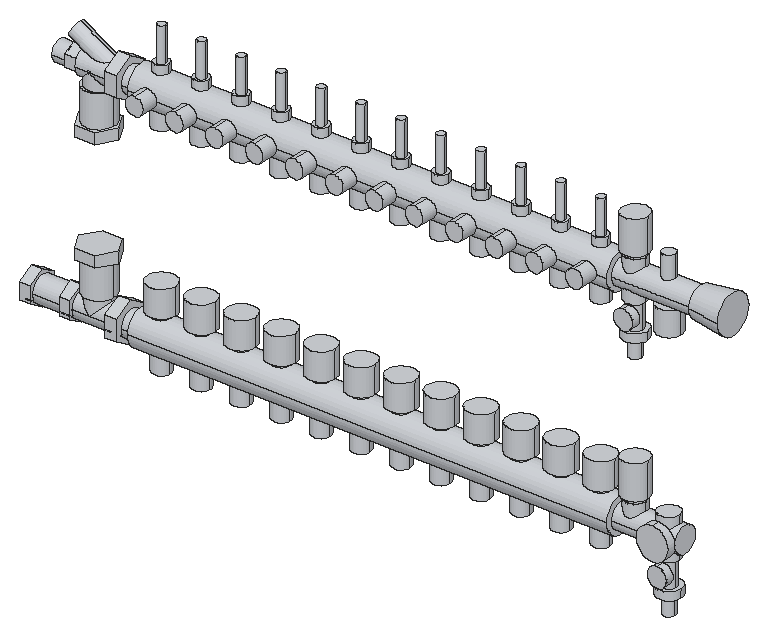
Revit family "318_1dab38ccfa9a4ba2b3cf6a35155c12", category Pipe Accessories, Revit 2017
Family settings
  Round Connector Dimension = Use Diameter
  Part Type = Valve - Normal
  Work Plane-Based = No
  Always vertical = Yes
  Cut with Voids When Loaded = No
  Shared = No
Parameters (values of type "R557FY012")
  magi_piping_qv_2_9 [instance] = 0.0 L/s
  magi_piping_qv_2_8 [instance] = 0.0 L/s
  magi_piping_qv_2_7 [instance] = 0.0 L/s
  magi_piping_qv_2_6 [instance] = 0.0 L/s
  magi_piping_qv_2_5 [instance] = 0.0 L/s
  magi_piping_qv_2_4 [instance] = 0.0 L/s
  magi_piping_qv_2_3 [instance] = 0.0 L/s
  magi_piping_qv_2_2 [instance] = 0.0 L/s
  magi_piping_qv_2_12 [instance] = 0.0 L/s
  magi_piping_qv_2_11 [instance] = 0.0 L/s
  magi_piping_qv_2_10 [instance] = 0.0 L/s
  magi_piping_qv_2_1 [instance] = 0.0 L/s
  magi_piping_qv_1_9 [instance] = 0.0 L/s
  magi_piping_qv_1_8 [instance] = 0.0 L/s
  magi_piping_qv_1_7 [instance] = 0.0 L/s
  magi_piping_qv_1_6 [instance] = 0.0 L/s
  magi_piping_qv_1_5 [instance] = 0.0 L/s
  magi_piping_qv_1_4 [instance] = 0.0 L/s
  magi_piping_qv_1_3 [instance] = 0.0 L/s
  magi_piping_qv_1_2 [instance] = 0.0 L/s
  magi_piping_qv_1_12 [instance] = 0.0 L/s
  magi_piping_qv_1_11 [instance] = 0.0 L/s
  magi_piping_qv_1_10 [instance] = 0.0 L/s
  magi_piping_qv_1_1 [instance] = 0.0 L/s
  magi_piping_qv [instance] = 0.0 L/s
  magi_piping_power_9 [instance] = 0 W
  magi_piping_power_8 [instance] = 0 W
  magi_piping_power_7 [instance] = 0 W
  magi_piping_power_6 [instance] = 0 W
  magi_piping_power_5 [instance] = 0 W
  magi_piping_power_4 [instance] = 0 W
  magi_piping_power_3 [instance] = 0 W
  magi_piping_power_2 [instance] = 0 W
  magi_piping_power_12 [instance] = 0 W
  magi_piping_power_11 [instance] = 0 W
  magi_piping_power_10 [instance] = 0 W
  magi_piping_power_1 [instance] = 0 W
  magi_piping_kv_9 [instance] = 0
  magi_piping_kv_8 [instance] = 0
  magi_piping_kv_7 [instance] = 0
  magi_piping_kv_6 [instance] = 0
  magi_piping_kv_5 [instance] = 0
  magi_piping_kv_4 [instance] = 0
  magi_piping_kv_3 [instance] = 0
  magi_piping_kv_2 [instance] = 0
  magi_piping_kv_12 [instance] = 0
  magi_piping_kv_11 [instance] = 0
  magi_piping_kv_10 [instance] = 0
  magi_piping_kv_1 [instance] = 0
  magi_piping_dpTot_9 [instance] = 0.0 Pa
  magi_piping_dpTot_8 [instance] = 0.0 Pa
  magi_piping_dpTot_7 [instance] = 0.0 Pa
  magi_piping_dpTot_6 [instance] = 0.0 Pa
  magi_piping_dpTot_5 [instance] = 0.0 Pa
  magi_piping_dpTot_4 [instance] = 0.0 Pa
  magi_piping_dpTot_3 [instance] = 0.0 Pa
  magi_piping_dpTot_2 [instance] = 0.0 Pa
  magi_piping_dpTot_12 [instance] = 0.0 Pa
  magi_piping_dpTot_11 [instance] = 0.0 Pa
  magi_piping_dpTot_10 [instance] = 0.0 Pa
  magi_piping_dpTot_1 [instance] = 0.0 Pa
  magi_adjustmentValue_9 [instance] = ""
  magi_adjustmentValue_8 [instance] = ""
  magi_adjustmentValue_7 [instance] = ""
  magi_adjustmentValue_6 [instance] = ""
  magi_adjustmentValue_5 [instance] = ""
  magi_adjustmentValue_4 [instance] = ""
  magi_adjustmentValue_3 [instance] = ""
  magi_adjustmentValue_2 [instance] = ""
  magi_adjustmentValue_12 [instance] = ""
  magi_adjustmentValue_11 [instance] = ""
  magi_adjustmentValue_10 [instance] = ""
  magi_adjustmentValue_1 [instance] = ""
  magiProductId = "1dab38ccfa9a4ba2b3cf6a35155c12"
  magiProductFamilyId = "1dab38ccfa9a4ba2b3cf6a35155c12"
  magiProductCode = "R557FY012"
  magiPartTypeId = 318
  X1 = 127 mm
  VersionID = "2.0/2016.10.37.0/GIACOMINI_R557FY_001"
  VL2__ve = -VL2  # -137 mm
  VL2 = 137 mm
  VL1 = 102 mm
  URL = "http://www.giacomini.com/en"
  SMP = 25 mm
  SBP9 = 18 mm
  SBP8 = 18 mm
  SBP7 = 18 mm
  SBP6 = 18 mm
  SBP5 = 18 mm
  SBP4 = 18 mm
  SBP3 = 18 mm
  SBP2 = 18 mm
  SBP12 = 18 mm
  SBP11 = 18 mm
  SBP10 = 18 mm
  SBP1 = 18 mm
  RMP = 25 mm
  RBP9 = 18 mm
  RBP8 = 18 mm
  RBP7 = 18 mm
  RBP6 = 18 mm
  RBP5 = 18 mm
  RBP4 = 18 mm
  RBP3 = 18 mm
  RBP2 = 18 mm
  RBP12 = 18 mm
  RBP11 = 18 mm
  RBP10 = 18 mm
  RBP1 = 18 mm
  R2 = 22 mm
  QmdConnectorList = "321;SMP;322;SBP1;323;SBP2;324;SBP3;325;SBP4;326;SBP5;327;SBP6;328;SBP7;329;SBP8;330;SBP9;331;SBP10;332;SBP11;333;SBP12;351;RMP;352;RBP1;353;RBP2;354;RBP3;355;RBP4;356;RBP5;357;RBP6;358;RBP7;359;RBP8;360;RBP9;361;RBP10;362;RBP11;363;RBP12"
  Productdata [instance] = "© Progman Oy, all rights reserved"
  N9 = yes
  N8 = yes
  N7 = yes
  N6 = yes
  N5 = yes
  N4 = yes
  N3 = yes
  N12 = yes
  N11 = yes
  N10 = yes
  Manufacturer = "Giacomini"
  MC_Default_elevation = 0 mm
  L = 600 mm
  I = 50 mm
  H5 = 33 mm
  H4 = 5 mm
  H3__ve = -H3  # -40 mm
  H3 = 40 mm
  H2__ve = -H2  # -20 mm
  H2 = 20 mm
  H12 = 42 mm
  H11 = 10 mm
  Flow supply main [instance] = Flow supply 1 + Flow supply 2 + Flow supply 3 + Flow supply 4 + Flow supply 5 + Flow supply 6 + Flow supply 7 + Flow supply 8 + Flow supply 9 + Flow supply 10 + Flow supply 11 + Flow supply 12  # 0.0 L/s
  Flow supply 9 [instance] = 0.0 L/s
  Flow supply 8 [instance] = 0.0 L/s
  Flow supply 7 [instance] = 0.0 L/s
  Flow supply 6 [instance] = 0.0 L/s
  Flow supply 5 [instance] = 0.0 L/s
  Flow supply 4 [instance] = 0.0 L/s
  Flow supply 3 [instance] = 0.0 L/s
  Flow supply 2 [instance] = 0.0 L/s
  Flow supply 12 [instance] = 0.0 L/s
  Flow supply 11 [instance] = 0.0 L/s
  Flow supply 10 [instance] = 0.0 L/s
  Flow supply 1 [instance] = 0.0 L/s
  Flow return main [instance] = Flow return 1 + Flow return 2 + Flow return 3 + Flow return 4 + Flow return 5 + Flow return 6 + Flow return 7 + Flow return 8 + Flow return 9 + Flow return 10 + Flow return 11 + Flow return 12  # 0.0 L/s
  Flow return 9 [instance] = 0.0 L/s
  Flow return 8 [instance] = 0.0 L/s
  Flow return 7 [instance] = 0.0 L/s
  Flow return 6 [instance] = 0.0 L/s
  Flow return 5 [instance] = 0.0 L/s
  Flow return 4 [instance] = 0.0 L/s
  Flow return 3 [instance] = 0.0 L/s
  Flow return 2 [instance] = 0.0 L/s
  Flow return 12 [instance] = 0.0 L/s
  Flow return 11 [instance] = 0.0 L/s
  Flow return 10 [instance] = 0.0 L/s
  Flow return 1 [instance] = 0.0 L/s
  E = 274 mm
  Description = "PREASSEMBLED MANIFOLD WITH FLOW METERS"
  D4 = 22 mm
  D32 = 10 mm
  D31 = 18 mm
  D2 = 44 mm
  CAT0 = yes
Reference planes
  plane 1 "Center (Front/Back)": y = 0
  plane 2 "XYPLANE": z = 0
  plane 3 "Center (Left/Right)": x = 0
  plane 4 "INIT_TEMP": y = 100
  plane 5 "386": y = -16
  plane 6 "385": z = -41
  plane 7 "384": z = -67
  plane 8 "383": z = -57
  plane 9 "382": y = -9
  plane 10 "381": z = -315
  plane 11 "380": z = -341
  plane 12 "379": z = -331
  plane 13 "378": z = -213
  plane 14 "377": z = -253
  plane 15 "376": z = -61
  plane 16 "375": z = -21
  plane 17 "374": x = 49
  plane 18 "373": x = 77
  plane 19 "372": x = 17
  plane 20 "371": x = 32
  plane 21 "370": x = -35
  plane 22 "369": x = 27
  plane 23 "368": x = 89
  plane 24 "367": x = -35
  plane 25 "366": x = 102
  plane 26 "365": z = -314
  plane 27 "364": z = -247
  plane 28 "363": z = -252
  plane 29 "362": z = -40
  plane 30 "361": x = 0
  plane 31 "360": y = 0
  plane 32 "359": z = -274
  plane 33 "358": z = 0
  plane 34 "357": z = 22
  plane 35 "356": x = 127
  plane 36 "355": x = 177
  plane 37 "354": y = -22
  plane 38 "353": x = 227
  plane 39 "352": z = 32
  plane 40 "351": x = 277
  plane 41 "350": x = 327
  plane 42 "349": x = 377
  plane 43 "348": x = 427
  plane 44 "347": x = 477
  plane 45 "346": x = 527
  plane 46 "345": x = 577
  plane 47 "344": x = 627
  plane 48 "343": x = 677
  plane 49 "342": x = 702
  plane 50 "341": x = 802
  plane 51 "340": x = 842
  plane 52 "339": x = 720
  plane 53 "338": z = -25
  plane 54 "337": z = 25
  plane 55 "336": z = 30
  plane 56 "335": z = -249
  plane 57 "334": z = -244
  plane 58 "333": z = -16
  plane 59 "332": x = 762
  plane 60 "331": z = -299
  plane 61 "1099": through (77, -750, 0) normal (0.866, 0, -0.5)
Forms (mm)
  Extrusion 1, solid
    sketch origin (750, -16, 0) x (-1, 0, 0) y (0, 0, 1)
      loop
        circle (-12, -274) r 20
    from 0 to -10
  Extrusion 2, solid
    sketch origin (-750, 0, -67) x (1, 0, 0) y (0, 1, 0)
      loop
        circle (1470, 0) r 7.5
    from 0 to -22
  Extrusion 3, solid
    sketch origin (750, -9, 0) x (-1, 0, 0) y (0, 0, 1)
      loop
        circle (30, -41) r 12
    from 0 to -10
  Extrusion 4, solid
    sketch origin (750, -9, 0) x (-1, 0, 0) y (0, 0, 1)
      loop
        circle (-12, -315) r 12
    from 0 to -10
  Extrusion 5, solid
    sketch origin (-750, 0, -341) x (1, 0, 0) y (0, 1, 0)
      loop
        circle (1512, 0) r 7.5
    from 0 to -22
  Extrusion 6, solid
    sketch origin (-750, 0, -57) x (1, 0, 0) y (0, 1, 0)
      loop
        circle (1470, 0) r 15
    from 0 to -10
  Extrusion 7, solid
    sketch origin (-750, 0, -331) x (1, 0, 0) y (0, 1, 0)
      loop
        circle (1512, 0) r 15
    from 0 to -10
  Extrusion 8, solid
    sketch origin (-750, 0, -299) x (1, 0, 0) y (0, 1, 0)
      loop
        circle (1512, 0) r 9
    from 0 to -32
  Extrusion 9, solid
    sketch origin (-750, 0, -253) x (1, 0, 0) y (0, 1, 0)
      loop
        circle (799, 0) r 19
    from 0 to 40
  Extrusion 10, solid
    sketch origin (-750, 0, -274) x (1, 0, 0) y (0, 1, 0)
      loop
        circle (799, 0) r 16
    from 0 to 21
  Extrusion 11, solid
    sketch origin (-750, 0, -213) x (1, 0, 0) y (0, 1, 0)
      loop
        line (824, 0) -> (811.5, 21.651) -> (786.5, 21.651) -> (774, 0) -> (786.5, -21.651) -> (811.5, -21.651) -> (824, 0)
    from 0 to 14
  Extrusion 12, solid
    sketch origin (-750, 0, -61) x (1, 0, 0) y (0, 1, 0)
      loop
        line (774, 0) -> (786.5, -21.651) -> (811.5, -21.651) -> (824, 0) -> (811.5, 21.651) -> (786.5, 21.651) -> (774, 0)
    from 0 to -14
  Extrusion 13, solid
    sketch origin (-750, 0, 0) x (1, 0, 0) y (0, 1, 0)
      loop
        circle (799, 0) r 16
    from 0 to -21
  Extrusion 14, solid
    sketch origin (-750, 0, -21) x (1, 0, 0) y (0, 1, 0)
      loop
        circle (799, 0) r 19
    from 0 to -40
  Extrusion 15, solid
    sketch origin (77, -750, 0) x (0, 1, 0) y (0.5, 0, 0.866025)
      loop
        circle (750, 0) r 10.5
    from 0 to -65
  Extrusion 16, solid, visible <- "CAT0"
    sketch origin (17, -750, 0) x (0, 1, 0) y (0, 0, 1)
      loop
        circle (750, 0) r 12.5
    from 0 to -17
  Extrusion 17, solid
    sketch origin (32, -750, 0) x (0, 1, 0) y (0, 0, 1)
      loop
        line (750, 15) -> (737.01, 7.5) -> (737.01, -7.5) -> (750, -15) -> (762.99, -7.5) -> (762.99, 7.5) -> (750, 15)
    from 0 to -15
  Extrusion 18, solid
    sketch origin (-35, -750, 0) x (0, 1, 0) y (0, 0, 1)
      loop
        line (750, -253) -> (731.813, -263.5) -> (731.813, -284.5) -> (750, -295) -> (768.187, -284.5) -> (768.187, -263.5) -> (750, -253)
    from 0 to 13
  Extrusion 19, solid
    sketch origin (27, -750, 0) x (0, 1, 0) y (0, 0, 1)
      loop
        line (750, -253) -> (731.813, -263.5) -> (731.813, -284.5) -> (750, -295) -> (768.187, -284.5) -> (768.187, -263.5) -> (750, -253)
    from 0 to -13
  Extrusion 20, solid
    sketch origin (102, -750, 0) x (0, 1, 0) y (0, 0, 1)
      loop
        circle (750, 0) r 16
    from 0 to -70
  Extrusion 21, solid
    sketch origin (89, -750, 0) x (0, 1, 0) y (0, 0, 1)
      loop
        line (750, 25) -> (728.349, 12.5) -> (728.349, -12.5) -> (750, -25) -> (771.651, -12.5) -> (771.651, 12.5) -> (750, 25)
    from 0 to -15
  Extrusion 22, solid
    sketch origin (89, -750, 0) x (0, 1, 0) y (0, 0, 1)
      loop
        line (750, -249) -> (728.349, -261.5) -> (728.349, -286.5) -> (750, -299) -> (771.651, -286.5) -> (771.651, -261.5) -> (750, -249)
    from 0 to -15
  Extrusion 23, solid
    sketch origin (102, -750, 0) x (0, 1, 0) y (0, 0, 1)
      loop
        circle (750, -274) r 16
    from 0 to -137 <- "VL2__ve"
  Extrusion 24, solid, visible <- "N10"
    sketch origin (-750, 0, -274) x (1, 0, 0) y (0, 1, 0)
      loop
        circle (1327, 0) r 11
    from 0 to -40 <- "H3__ve"
  Extrusion 25, solid, visible <- "N10"
    sketch origin (-750, 0, -252) x (1, 0, 0) y (0, 1, 0)
      loop
        circle (1327, 0) r 11
    from 0 to 5 <- "H4"
  Extrusion 26, solid, visible <- "N10"
    sketch origin (-750, 0, -247) x (1, 0, 0) y (0, 1, 0)
      loop
        circle (1327, 0) r 17.5
    from 0 to 33 <- "H5"
  Extrusion 27, solid, visible <- "N12"
    sketch origin (-750, 0, -247) x (1, 0, 0) y (0, 1, 0)
      loop
        circle (1427, 0) r 17.5
    from 0 to 33 <- "H5"
  Extrusion 28, solid, visible <- "N12"
    sketch origin (-750, 0, -252) x (1, 0, 0) y (0, 1, 0)
      loop
        circle (1427, 0) r 11
    from 0 to 5 <- "H4"
  Extrusion 29, solid, visible <- "N12"
    sketch origin (-750, 0, -274) x (1, 0, 0) y (0, 1, 0)
      loop
        circle (1427, 0) r 11
    from 0 to -40 <- "H3__ve"
  Extrusion 30, solid, visible <- "N11"
    sketch origin (-750, 0, -274) x (1, 0, 0) y (0, 1, 0)
      loop
        circle (1377, 0) r 11
    from 0 to -40 <- "H3__ve"
  Extrusion 31, solid, visible <- "N11"
    sketch origin (-750, 0, -252) x (1, 0, 0) y (0, 1, 0)
      loop
        circle (1377, 0) r 11
    from 0 to 5 <- "H4"
  Extrusion 32, solid, visible <- "N11"
    sketch origin (-750, 0, -247) x (1, 0, 0) y (0, 1, 0)
      loop
        circle (1377, 0) r 17.5
    from 0 to 33 <- "H5"
  Extrusion 33, solid, visible <- "N8"
    sketch origin (-750, 0, -247) x (1, 0, 0) y (0, 1, 0)
      loop
        circle (1227, 0) r 17.5
    from 0 to 33 <- "H5"
  Extrusion 34, solid, visible <- "N8"
    sketch origin (-750, 0, -252) x (1, 0, 0) y (0, 1, 0)
      loop
        circle (1227, 0) r 11
    from 0 to 5 <- "H4"
  Extrusion 35, solid, visible <- "N8"
    sketch origin (-750, 0, -274) x (1, 0, 0) y (0, 1, 0)
      loop
        circle (1227, 0) r 11
    from 0 to -40 <- "H3__ve"
  Extrusion 36, solid, visible <- "N9"
    sketch origin (-750, 0, -274) x (1, 0, 0) y (0, 1, 0)
      loop
        circle (1277, 0) r 11
    from 0 to -40 <- "H3__ve"
  Extrusion 37, solid, visible <- "N9"
    sketch origin (-750, 0, -252) x (1, 0, 0) y (0, 1, 0)
      loop
        circle (1277, 0) r 11
    from 0 to 5 <- "H4"
  Extrusion 38, solid, visible <- "N9"
    sketch origin (-750, 0, -247) x (1, 0, 0) y (0, 1, 0)
      loop
        circle (1277, 0) r 17.5
    from 0 to 33 <- "H5"
  Extrusion 39, solid, visible <- "N7"
    sketch origin (-750, 0, -247) x (1, 0, 0) y (0, 1, 0)
      loop
        circle (1177, 0) r 17.5
    from 0 to 33 <- "H5"
  Extrusion 40, solid, visible <- "N7"
    sketch origin (-750, 0, -252) x (1, 0, 0) y (0, 1, 0)
      loop
        circle (1177, 0) r 11
    from 0 to 5 <- "H4"
  Extrusion 41, solid, visible <- "N7"
    sketch origin (-750, 0, -274) x (1, 0, 0) y (0, 1, 0)
      loop
        circle (1177, 0) r 11
    from 0 to -40 <- "H3__ve"
  Extrusion 42, solid, visible <- "N6"
    sketch origin (-750, 0, -274) x (1, 0, 0) y (0, 1, 0)
      loop
        circle (1127, 0) r 11
    from 0 to -40 <- "H3__ve"
  Extrusion 43, solid, visible <- "N6"
    sketch origin (-750, 0, -252) x (1, 0, 0) y (0, 1, 0)
      loop
        circle (1127, 0) r 11
    from 0 to 5 <- "H4"
  Extrusion 44, solid, visible <- "N6"
    sketch origin (-750, 0, -247) x (1, 0, 0) y (0, 1, 0)
      loop
        circle (1127, 0) r 17.5
    from 0 to 33 <- "H5"
  Extrusion 45, solid, visible <- "N5"
    sketch origin (-750, 0, -247) x (1, 0, 0) y (0, 1, 0)
      loop
        circle (1077, 0) r 17.5
    from 0 to 33 <- "H5"
  Extrusion 46, solid, visible <- "N5"
    sketch origin (-750, 0, -252) x (1, 0, 0) y (0, 1, 0)
      loop
        circle (1077, 0) r 11
    from 0 to 5 <- "H4"
  Extrusion 47, solid, visible <- "N5"
    sketch origin (-750, 0, -274) x (1, 0, 0) y (0, 1, 0)
      loop
        circle (1077, 0) r 11
    from 0 to -40 <- "H3__ve"
  Extrusion 48, solid, visible <- "N4"
    sketch origin (-750, 0, -274) x (1, 0, 0) y (0, 1, 0)
      loop
        circle (1027, 0) r 11
    from 0 to -40 <- "H3__ve"
  Extrusion 49, solid, visible <- "N4"
    sketch origin (-750, 0, -252) x (1, 0, 0) y (0, 1, 0)
      loop
        circle (1027, 0) r 11
    from 0 to 5 <- "H4"
  Extrusion 50, solid, visible <- "N4"
    sketch origin (-750, 0, -247) x (1, 0, 0) y (0, 1, 0)
      loop
        circle (1027, 0) r 17.5
    from 0 to 33 <- "H5"
  Extrusion 51, solid, visible <- "N3"
    sketch origin (-750, 0, -247) x (1, 0, 0) y (0, 1, 0)
      loop
        circle (977, 0) r 17.5
    from 0 to 33 <- "H5"
  Extrusion 52, solid, visible <- "N3"
    sketch origin (-750, 0, -252) x (1, 0, 0) y (0, 1, 0)
      loop
        circle (977, 0) r 11
    from 0 to 5 <- "H4"
  Extrusion 53, solid
    sketch origin (-750, 0, -252) x (1, 0, 0) y (0, 1, 0)
      loop
        circle (927, 0) r 11
    from 0 to 5 <- "H4"
  Extrusion 54, solid
    sketch origin (-750, 0, -247) x (1, 0, 0) y (0, 1, 0)
      loop
        circle (927, 0) r 17.5
    from 0 to 33 <- "H5"
  Extrusion 55, solid
    sketch origin (-750, 0, -247) x (1, 0, 0) y (0, 1, 0)
      loop
        circle (877, 0) r 17.5
    from 0 to 33 <- "H5"
  Extrusion 56, solid
    sketch origin (-750, 0, -252) x (1, 0, 0) y (0, 1, 0)
      loop
        circle (877, 0) r 11
    from 0 to 5 <- "H4"
  Extrusion 57, solid, visible <- "N3"
    sketch origin (-750, 0, -274) x (1, 0, 0) y (0, 1, 0)
      loop
        circle (977, 0) r 11
    from 0 to -40 <- "H3__ve"
  Extrusion 58, solid
    sketch origin (-750, 0, -274) x (1, 0, 0) y (0, 1, 0)
      loop
        circle (877, 0) r 11
    from 0 to -40 <- "H3__ve"
  Extrusion 59, solid
    sketch origin (-750, 0, -274) x (1, 0, 0) y (0, 1, 0)
      loop
        circle (927, 0) r 11
    from 0 to -40 <- "H3__ve"
  Extrusion 60, solid
    sketch origin (102, -750, 0) x (0, 1, 0) y (0, 0, 1)
      loop
        circle (750, -274) r 22
    from 0 to 600 <- "L"
  Extrusion 61, solid, visible <- "N8"
    sketch origin (-750, 0, 0) x (1, 0, 0) y (0, 1, 0)
      loop
        circle (1227, 0) r 11
    from 0 to -40 <- "H3__ve"
  Extrusion 62, solid, visible <- "N9"
    sketch origin (-750, 0, 0) x (1, 0, 0) y (0, 1, 0)
      loop
        circle (1277, 0) r 11
    from 0 to -40 <- "H3__ve"
  Extrusion 63, solid, visible <- "N10"
    sketch origin (-750, 0, 0) x (1, 0, 0) y (0, 1, 0)
      loop
        circle (1327, 0) r 11
    from 0 to -40 <- "H3__ve"
  Extrusion 64, solid, visible <- "N11"
    sketch origin (-750, 0, 0) x (1, 0, 0) y (0, 1, 0)
      loop
        circle (1377, 0) r 11
    from 0 to -40 <- "H3__ve"
  Extrusion 65, solid, visible <- "N12"
    sketch origin (-750, 0, 0) x (1, 0, 0) y (0, 1, 0)
      loop
        circle (1427, 0) r 11
    from 0 to -40 <- "H3__ve"
  Extrusion 66, solid, visible <- "N7"
    sketch origin (-750, 0, 0) x (1, 0, 0) y (0, 1, 0)
      loop
        circle (1177, 0) r 11
    from 0 to -40 <- "H3__ve"
  Extrusion 67, solid, visible <- "N6"
    sketch origin (-750, 0, 0) x (1, 0, 0) y (0, 1, 0)
      loop
        circle (1127, 0) r 11
    from 0 to -40 <- "H3__ve"
  Extrusion 68, solid, visible <- "N5"
    sketch origin (-750, 0, 0) x (1, 0, 0) y (0, 1, 0)
      loop
        circle (1077, 0) r 11
    from 0 to -40 <- "H3__ve"
  Extrusion 69, solid, visible <- "N4"
    sketch origin (-750, 0, 0) x (1, 0, 0) y (0, 1, 0)
      loop
        circle (1027, 0) r 11
    from 0 to -40 <- "H3__ve"
  Extrusion 70, solid, visible <- "N3"
    sketch origin (-750, 0, 0) x (1, 0, 0) y (0, 1, 0)
      loop
        circle (977, 0) r 11
    from 0 to -40 <- "H3__ve"
  Extrusion 71, solid
    sketch origin (-750, 0, 0) x (1, 0, 0) y (0, 1, 0)
      loop
        circle (927, 0) r 11
    from 0 to -40 <- "H3__ve"
  Extrusion 72, solid
    sketch origin (-750, 0, 0) x (1, 0, 0) y (0, 1, 0)
      loop
        circle (877, 0) r 11
    from 0 to -40 <- "H3__ve"
  Extrusion 73, solid
    sketch origin (102, -750, 0) x (0, 1, 0) y (0, 0, 1)
      loop
        circle (750, 0) r 22
    from 0 to 600 <- "L"
  Extrusion 74, solid
    sketch origin (-750, 0, 22) x (1, 0, 0) y (0, 1, 0)
      loop
        circle (877, 0) r 9
    from 0 to 10 <- "H11"
  Extrusion 75, solid
    sketch origin (750, -22, 0) x (-1, 0, 0) y (0, 0, 1)
      loop
        circle (623, 0) r 11
    from 0 to -20 <- "H2__ve"
  Extrusion 76, solid
    sketch origin (750, -22, 0) x (-1, 0, 0) y (0, 0, 1)
      loop
        circle (573, 0) r 11
    from 0 to -20 <- "H2__ve"
  Extrusion 77, solid, visible <- "N3"
    sketch origin (750, -22, 0) x (-1, 0, 0) y (0, 0, 1)
      loop
        circle (523, 0) r 11
    from 0 to -20 <- "H2__ve"
  Extrusion 78, solid
    sketch origin (-750, 0, 32) x (1, 0, 0) y (0, 1, 0)
      loop
        circle (877, 0) r 5
    from 0 to 42 <- "H12"
  Extrusion 79, solid
    sketch origin (-750, 0, 32) x (1, 0, 0) y (0, 1, 0)
      loop
        circle (927, 0) r 5
    from 0 to 42 <- "H12"
  Extrusion 80, solid
    sketch origin (-750, 0, 22) x (1, 0, 0) y (0, 1, 0)
      loop
        circle (927, 0) r 9
    from 0 to 10 <- "H11"
  Extrusion 81, solid, visible <- "N3"
    sketch origin (-750, 0, 22) x (1, 0, 0) y (0, 1, 0)
      loop
        circle (977, 0) r 9
    from 0 to 10 <- "H11"
  Extrusion 82, solid, visible <- "N3"
    sketch origin (-750, 0, 32) x (1, 0, 0) y (0, 1, 0)
      loop
        circle (977, 0) r 5
    from 0 to 42 <- "H12"
  Extrusion 83, solid, visible <- "N4"
    sketch origin (-750, 0, 32) x (1, 0, 0) y (0, 1, 0)
      loop
        circle (1027, 0) r 5
    from 0 to 42 <- "H12"
  Extrusion 84, solid, visible <- "N4"
    sketch origin (-750, 0, 22) x (1, 0, 0) y (0, 1, 0)
      loop
        circle (1027, 0) r 9
    from 0 to 10 <- "H11"
  Extrusion 85, solid, visible <- "N4"
    sketch origin (750, -22, 0) x (-1, 0, 0) y (0, 0, 1)
      loop
        circle (473, 0) r 11
    from 0 to -20 <- "H2__ve"
  Extrusion 86, solid, visible <- "N5"
    sketch origin (750, -22, 0) x (-1, 0, 0) y (0, 0, 1)
      loop
        circle (423, 0) r 11
    from 0 to -20 <- "H2__ve"
  Extrusion 87, solid, visible <- "N5"
    sketch origin (-750, 0, 22) x (1, 0, 0) y (0, 1, 0)
      loop
        circle (1077, 0) r 9
    from 0 to 10 <- "H11"
  Extrusion 88, solid, visible <- "N5"
    sketch origin (-750, 0, 32) x (1, 0, 0) y (0, 1, 0)
      loop
        circle (1077, 0) r 5
    from 0 to 42 <- "H12"
  Extrusion 89, solid, visible <- "N6"
    sketch origin (-750, 0, 32) x (1, 0, 0) y (0, 1, 0)
      loop
        circle (1127, 0) r 5
    from 0 to 42 <- "H12"
  Extrusion 90, solid, visible <- "N6"
    sketch origin (-750, 0, 22) x (1, 0, 0) y (0, 1, 0)
      loop
        circle (1127, 0) r 9
    from 0 to 10 <- "H11"
  Extrusion 91, solid, visible <- "N6"
    sketch origin (750, -22, 0) x (-1, 0, 0) y (0, 0, 1)
      loop
        circle (373, 0) r 11
    from 0 to -20 <- "H2__ve"
  Extrusion 92, solid, visible <- "N7"
    sketch origin (750, -22, 0) x (-1, 0, 0) y (0, 0, 1)
      loop
        circle (323, 0) r 11
    from 0 to -20 <- "H2__ve"
  Extrusion 93, solid, visible <- "N7"
    sketch origin (-750, 0, 22) x (1, 0, 0) y (0, 1, 0)
      loop
        circle (1177, 0) r 9
    from 0 to 10 <- "H11"
  Extrusion 94, solid, visible <- "N7"
    sketch origin (-750, 0, 32) x (1, 0, 0) y (0, 1, 0)
      loop
        circle (1177, 0) r 5
    from 0 to 42 <- "H12"
  Extrusion 95, solid, visible <- "N8"
    sketch origin (-750, 0, 32) x (1, 0, 0) y (0, 1, 0)
      loop
        circle (1227, 0) r 5
    from 0 to 42 <- "H12"
  Extrusion 96, solid, visible <- "N8"
    sketch origin (-750, 0, 22) x (1, 0, 0) y (0, 1, 0)
      loop
        circle (1227, 0) r 9
    from 0 to 10 <- "H11"
  Extrusion 97, solid, visible <- "N8"
    sketch origin (750, -22, 0) x (-1, 0, 0) y (0, 0, 1)
      loop
        circle (273, 0) r 11
    from 0 to -20 <- "H2__ve"
  Extrusion 98, solid, visible <- "N10"
    sketch origin (750, -22, 0) x (-1, 0, 0) y (0, 0, 1)
      loop
        circle (173, 0) r 11
    from 0 to -20 <- "H2__ve"
  Extrusion 99, solid, visible <- "N10"
    sketch origin (-750, 0, 22) x (1, 0, 0) y (0, 1, 0)
      loop
        circle (1327, 0) r 9
    from 0 to 10 <- "H11"
  Extrusion 100, solid, visible <- "N10"
    sketch origin (-750, 0, 32) x (1, 0, 0) y (0, 1, 0)
      loop
        circle (1327, 0) r 5
    from 0 to 42 <- "H12"
  Extrusion 101, solid, visible <- "N9"
    sketch origin (-750, 0, 32) x (1, 0, 0) y (0, 1, 0)
      loop
        circle (1277, 0) r 5
    from 0 to 42 <- "H12"
  Extrusion 102, solid, visible <- "N9"
    sketch origin (-750, 0, 22) x (1, 0, 0) y (0, 1, 0)
      loop
        circle (1277, 0) r 9
    from 0 to 10 <- "H11"
  Extrusion 103, solid, visible <- "N9"
    sketch origin (750, -22, 0) x (-1, 0, 0) y (0, 0, 1)
      loop
        circle (223, 0) r 11
    from 0 to -20 <- "H2__ve"
  Extrusion 104, solid, visible <- "N11"
    sketch origin (-750, 0, 32) x (1, 0, 0) y (0, 1, 0)
      loop
        circle (1377, 0) r 5
    from 0 to 42 <- "H12"
  Extrusion 105, solid, visible <- "N11"
    sketch origin (-750, 0, 22) x (1, 0, 0) y (0, 1, 0)
      loop
        circle (1377, 0) r 9
    from 0 to 10 <- "H11"
  Extrusion 106, solid, visible <- "N11"
    sketch origin (750, -22, 0) x (-1, 0, 0) y (0, 0, 1)
      loop
        circle (123, 0) r 11
    from 0 to -20 <- "H2__ve"
  Extrusion 107, solid, visible <- "N12"
    sketch origin (750, -22, 0) x (-1, 0, 0) y (0, 0, 1)
      loop
        circle (73, 0) r 11
    from 0 to -20 <- "H2__ve"
  Extrusion 108, solid, visible <- "N12"
    sketch origin (-750, 0, 22) x (1, 0, 0) y (0, 1, 0)
      loop
        circle (1427, 0) r 9
    from 0 to 10 <- "H11"
  Extrusion 109, solid, visible <- "N12"
    sketch origin (-750, 0, 32) x (1, 0, 0) y (0, 1, 0)
      loop
        circle (1427, 0) r 5
    from 0 to 42 <- "H12"
  Extrusion 110, solid
    sketch origin (702, -750, 0) x (0, 1, 0) y (0, 0, 1)
      loop
        circle (750, 0) r 16
    from 0 to 100
  Blend 111, solid
    base sketch origin (802, -750, 0) x (0, 1, 0) y (0, 0, 1)
      loop
        circle (750, 0) r 19
    top sketch origin (802, -750, 0) x (0, 1, 0) y (0, 0, 1)
      loop
        circle (750, 0) r 24
    from 0 to 40
  Extrusion 112, solid
    sketch origin (-750, 0, -25) x (1, 0, 0) y (0, 1, 0)
      loop
        circle (1470, 0) r 13
    from 0 to 50
  Extrusion 113, solid
    sketch origin (-750, 0, 25) x (1, 0, 0) y (0, 1, 0)
      loop
        line (1483, 0) -> (1476.5, 11.258) -> (1463.5, 11.258) -> (1457, 0) -> (1463.5, -11.258) -> (1476.5, -11.258) -> (1483, 0)
    from 0 to 5
  Extrusion 114, solid
    sketch origin (-750, 0, 30) x (1, 0, 0) y (0, 1, 0)
      loop
        circle (1470, 0) r 16
    from 0 to 42
  Extrusion 115, solid
    sketch origin (702, -750, 0) x (0, 1, 0) y (0, 0, 1)
      loop
        circle (750, -274) r 16
    from 0 to 80
  Extrusion 116, solid
    sketch origin (-750, 0, -274) x (1, 0, 0) y (0, 1, 0)
      loop
        circle (1470, 0) r 13
    from 0 to 25
  Extrusion 117, solid
    sketch origin (-750, 0, -244) x (1, 0, 0) y (0, 1, 0)
      loop
        circle (1470, 0) r 16
    from 0 to 42
  Extrusion 118, solid
    sketch origin (-750, 0, -249) x (1, 0, 0) y (0, 1, 0)
      loop
        line (1483, 0) -> (1476.5, 11.258) -> (1463.5, 11.258) -> (1457, 0) -> (1463.5, -11.258) -> (1476.5, -11.258) -> (1483, 0)
    from 0 to 5
  Extrusion 119, solid, visible <- "CAT0"
    sketch origin (-750, 0, -16) x (1, 0, 0) y (0, 1, 0)
      loop
        circle (1512, 0) r 15
    from 0 to -30
  Extrusion 120, solid, visible <- "CAT0"
    sketch origin (-750, 0, 0) x (1, 0, 0) y (0, 1, 0)
      loop
        circle (1512, 0) r 8
    from 0 to 42
  Extrusion 121, solid
    sketch origin (-750, 0, -25) x (1, 0, 0) y (0, 1, 0)
      loop
        circle (1470, 0) r 9
    from 0 to -32
  Extrusion 122, solid
    sketch origin (-750, 0, -299) x (1, 0, 0) y (0, 1, 0)
      loop
        circle (1512, 0) r 13
    from 0 to 50
  Extrusion 123, solid, not visible
    sketch origin (-750, 0, -314) x (1, 0, 0) y (0, 1, 0)
      loop
        circle (1327, 0) r 10
    from 0 to 10
  Extrusion 124, solid, not visible
    sketch origin (-750, 0, -314) x (1, 0, 0) y (0, 1, 0)
      loop
        circle (1427, 0) r 10
    from 0 to 10
  Extrusion 125, solid, not visible
    sketch origin (-750, 0, -314) x (1, 0, 0) y (0, 1, 0)
      loop
        circle (1377, 0) r 10
    from 0 to 10
  Extrusion 126, solid, not visible
    sketch origin (-750, 0, -314) x (1, 0, 0) y (0, 1, 0)
      loop
        circle (1227, 0) r 10
    from 0 to 10
  Extrusion 127, solid, not visible
    sketch origin (-750, 0, -314) x (1, 0, 0) y (0, 1, 0)
      loop
        circle (1277, 0) r 10
    from 0 to 10
  Extrusion 128, solid, not visible
    sketch origin (-750, 0, -314) x (1, 0, 0) y (0, 1, 0)
      loop
        circle (1177, 0) r 10
    from 0 to 10
  Extrusion 129, solid, not visible
    sketch origin (-750, 0, -314) x (1, 0, 0) y (0, 1, 0)
      loop
        circle (1127, 0) r 10
    from 0 to 10
  Extrusion 130, solid, not visible
    sketch origin (-750, 0, -314) x (1, 0, 0) y (0, 1, 0)
      loop
        circle (1077, 0) r 10
    from 0 to 10
  Extrusion 131, solid, not visible
    sketch origin (-750, 0, -314) x (1, 0, 0) y (0, 1, 0)
      loop
        circle (1027, 0) r 10
    from 0 to 10
  Extrusion 132, solid, not visible
    sketch origin (-750, 0, -314) x (1, 0, 0) y (0, 1, 0)
      loop
        circle (927, 0) r 10
    from 0 to 10
  Extrusion 133, solid, not visible
    sketch origin (-750, 0, -314) x (1, 0, 0) y (0, 1, 0)
      loop
        circle (877, 0) r 10
    from 0 to 10
  Extrusion 134, solid, not visible
    sketch origin (-750, 0, -314) x (1, 0, 0) y (0, 1, 0)
      loop
        circle (977, 0) r 10
    from 0 to 10
  Extrusion 135, solid, not visible
    sketch origin (-750, 0, -40) x (1, 0, 0) y (0, 1, 0)
      loop
        circle (1227, 0) r 10
    from 0 to 10
  Extrusion 136, solid, not visible
    sketch origin (-750, 0, -40) x (1, 0, 0) y (0, 1, 0)
      loop
        circle (1277, 0) r 10
    from 0 to 10
  Extrusion 137, solid, not visible
    sketch origin (-750, 0, -40) x (1, 0, 0) y (0, 1, 0)
      loop
        circle (1327, 0) r 10
    from 0 to 10
  Extrusion 138, solid, not visible
    sketch origin (-750, 0, -40) x (1, 0, 0) y (0, 1, 0)
      loop
        circle (1377, 0) r 10
    from 0 to 10
  Extrusion 139, solid, not visible
    sketch origin (-750, 0, -40) x (1, 0, 0) y (0, 1, 0)
      loop
        circle (1427, 0) r 10
    from 0 to 10
  Extrusion 140, solid, not visible
    sketch origin (-750, 0, -40) x (1, 0, 0) y (0, 1, 0)
      loop
        circle (1177, 0) r 10
    from 0 to 10
  Extrusion 141, solid, not visible
    sketch origin (-750, 0, -40) x (1, 0, 0) y (0, 1, 0)
      loop
        circle (1127, 0) r 10
    from 0 to 10
  Extrusion 142, solid, not visible
    sketch origin (-750, 0, -40) x (1, 0, 0) y (0, 1, 0)
      loop
        circle (1077, 0) r 10
    from 0 to 10
  Extrusion 143, solid, not visible
    sketch origin (-750, 0, -40) x (1, 0, 0) y (0, 1, 0)
      loop
        circle (1027, 0) r 10
    from 0 to 10
  Extrusion 144, solid, not visible
    sketch origin (-750, 0, -40) x (1, 0, 0) y (0, 1, 0)
      loop
        circle (977, 0) r 10
    from 0 to 10
  Extrusion 145, solid, not visible
    sketch origin (0, -750, 0) x (0, 1, 0) y (0, 0, 1)
      loop
        circle (750, 0) r 10
    from 0 to 10
  Extrusion 146, solid, not visible
    sketch origin (-35, -750, 0) x (0, 1, 0) y (0, 0, 1)
      loop
        circle (750, -274) r 10
    from 0 to 10
  Extrusion 147, solid, not visible
    sketch origin (-750, 0, -40) x (1, 0, 0) y (0, 1, 0)
      loop
        circle (877, 0) r 10
    from 0 to 10
  Extrusion 148, solid, not visible
    sketch origin (-750, 0, -40) x (1, 0, 0) y (0, 1, 0)
      loop
        circle (927, 0) r 10
    from 0 to 10
Text (mm)
  text "© Progman Oy, all rights reserved" at (-472.209, -2482.653, 0), in view "Ref. Level"
Dimensions and locks
  plane 4 "INIT_TEMP" to plane 1 "Center (Front/Back)" = 100 mm
  locked: plane 1 "Center (Front/Back)" to plane 5 "386" at 16
  locked: plane 53 "338" to plane 6 "385" at 16
  locked: plane 8 "383" to plane 7 "384" at 10
  locked: plane 53 "338" to plane 8 "383" at 32
  locked: plane 1 "Center (Front/Back)" to plane 9 "382" at 9
  locked: plane 60 "331" to plane 10 "381" at 16
  locked: plane 12 "379" to plane 11 "380" at 10
  locked: plane 60 "331" to plane 12 "379" at 32
  locked: plane 14 "377" to plane 13 "378" at 40
  locked: plane 32 "359" to plane 14 "377" at 21
  locked: plane 16 "375" to plane 15 "376" at 40
  locked: plane 2 "XYPLANE" to plane 16 "375" at 21
  locked: plane 25 "366" to plane 17 "374" at 53
  locked: plane 25 "366" to plane 18 "373" at 25
  locked: plane 20 "371" to plane 19 "372" at 15
  locked: plane 25 "366" to plane 20 "371" at 70
  "VL2": plane 25 "366" to plane 21 "370"
  locked: plane 23 "368" to plane 22 "369" at 62
  locked: plane 25 "366" to plane 23 "368" at 13
  "VL2": plane 25 "366" to plane 24 "367"
  "VL1": plane 3 "Center (Left/Right)" to plane 25 "366"
  "H3": plane 32 "359" to plane 26 "365"
  "H4": plane 28 "363" to plane 27 "364"
  "R2": plane 32 "359" to plane 28 "363"
  "H3": plane 2 "XYPLANE" to plane 29 "362"
  locked: plane 3 "Center (Left/Right)" to plane 30 "361"
  locked: plane 1 "Center (Front/Back)" to plane 31 "360"
  "E": plane 2 "XYPLANE" to plane 32 "359"
  locked: plane 2 "XYPLANE" to plane 33 "358"
  "R2": plane 2 "XYPLANE" to plane 34 "357"
  "X1": plane 3 "Center (Left/Right)" to plane 35 "356"
  "I": plane 35 "356" to plane 36 "355"
  "R2": plane 1 "Center (Front/Back)" to plane 37 "354"
  "I": plane 36 "355" to plane 38 "353"
  "H11": plane 34 "357" to plane 39 "352"
  "I": plane 38 "353" to plane 40 "351"
  "I": plane 40 "351" to plane 41 "350"
  "I": plane 41 "350" to plane 42 "349"
  "I": plane 42 "349" to plane 43 "348"
  "I": plane 43 "348" to plane 44 "347"
  "I": plane 44 "347" to plane 45 "346"
  "I": plane 45 "346" to plane 46 "345"
  "I": plane 46 "345" to plane 47 "344"
  "I": plane 47 "344" to plane 48 "343"
  "L": plane 25 "366" to plane 49 "342"
  locked: plane 49 "342" to plane 50 "341" at 100
  locked: plane 50 "341" to plane 51 "340" at 40
  locked: plane 49 "342" to plane 52 "339" at 18
  locked: plane 2 "XYPLANE" to plane 53 "338" at 25
  locked: plane 53 "338" to plane 54 "337" at 50
  locked: plane 54 "337" to plane 55 "336" at 5
  locked: plane 32 "359" to plane 56 "335" at 25
  locked: plane 56 "335" to plane 57 "334" at 5
  locked: plane 2 "XYPLANE" to plane 58 "333" at 16
  locked: plane 49 "342" to plane 59 "332" at 60
  locked: plane 32 "359" to plane 60 "331" at 25
  "D4": diameter of Extrusion 24 sketch curve
  "D4": diameter of Extrusion 25 sketch curve
  diameter of Extrusion 26 sketch curve = 35 mm
  diameter of Extrusion 27 sketch curve = 35 mm
  "D4": diameter of Extrusion 28 sketch curve
  "D4": diameter of Extrusion 29 sketch curve
  "D4": diameter of Extrusion 30 sketch curve
  "D4": diameter of Extrusion 31 sketch curve
  diameter of Extrusion 32 sketch curve = 35 mm
  diameter of Extrusion 33 sketch curve = 35 mm
  "D4": diameter of Extrusion 34 sketch curve
  "D4": diameter of Extrusion 35 sketch curve
  "D4": diameter of Extrusion 36 sketch curve
  "D4": diameter of Extrusion 37 sketch curve
  diameter of Extrusion 38 sketch curve = 35 mm
  diameter of Extrusion 39 sketch curve = 35 mm
  "D4": diameter of Extrusion 40 sketch curve
  "D4": diameter of Extrusion 41 sketch curve
  "D4": diameter of Extrusion 42 sketch curve
  "D4": diameter of Extrusion 43 sketch curve
  diameter of Extrusion 44 sketch curve = 35 mm
  diameter of Extrusion 45 sketch curve = 35 mm
  "D4": diameter of Extrusion 46 sketch curve
  "D4": diameter of Extrusion 47 sketch curve
  "D4": diameter of Extrusion 48 sketch curve
  "D4": diameter of Extrusion 49 sketch curve
  diameter of Extrusion 50 sketch curve = 35 mm
  diameter of Extrusion 51 sketch curve = 35 mm
  "D4": diameter of Extrusion 52 sketch curve
  "D4": diameter of Extrusion 53 sketch curve
  diameter of Extrusion 54 sketch curve = 35 mm
  diameter of Extrusion 55 sketch curve = 35 mm
  "D4": diameter of Extrusion 56 sketch curve
  "D4": diameter of Extrusion 57 sketch curve
  "D4": diameter of Extrusion 58 sketch curve
  "D4": diameter of Extrusion 59 sketch curve
  "D2": diameter of Extrusion 60 sketch curve
  "D4": diameter of Extrusion 61 sketch curve
  "D4": diameter of Extrusion 62 sketch curve
  "D4": diameter of Extrusion 63 sketch curve
  "D4": diameter of Extrusion 64 sketch curve
  "D4": diameter of Extrusion 65 sketch curve
  "D4": diameter of Extrusion 66 sketch curve
  "D4": diameter of Extrusion 67 sketch curve
  "D4": diameter of Extrusion 68 sketch curve
  "D4": diameter of Extrusion 69 sketch curve
  "D4": diameter of Extrusion 70 sketch curve
  "D4": diameter of Extrusion 71 sketch curve
  "D4": diameter of Extrusion 72 sketch curve
  "D2": diameter of Extrusion 73 sketch curve
  "D31": diameter of Extrusion 74 sketch curve
  "D4": diameter of Extrusion 75 sketch curve
  "D4": diameter of Extrusion 76 sketch curve
  "D4": diameter of Extrusion 77 sketch curve
  "D32": diameter of Extrusion 78 sketch curve
  "D32": diameter of Extrusion 79 sketch curve
  "D31": diameter of Extrusion 80 sketch curve
  "D31": diameter of Extrusion 81 sketch curve
  "D32": diameter of Extrusion 82 sketch curve
  "D32": diameter of Extrusion 83 sketch curve
  "D31": diameter of Extrusion 84 sketch curve
  "D4": diameter of Extrusion 85 sketch curve
  "D4": diameter of Extrusion 86 sketch curve
  "D31": diameter of Extrusion 87 sketch curve
  "D32": diameter of Extrusion 88 sketch curve
  "D32": diameter of Extrusion 89 sketch curve
  "D31": diameter of Extrusion 90 sketch curve
  "D4": diameter of Extrusion 91 sketch curve
  "D4": diameter of Extrusion 92 sketch curve
  "D31": diameter of Extrusion 93 sketch curve
  "D32": diameter of Extrusion 94 sketch curve
  "D32": diameter of Extrusion 95 sketch curve
  "D31": diameter of Extrusion 96 sketch curve
  "D4": diameter of Extrusion 97 sketch curve
  "D4": diameter of Extrusion 98 sketch curve
  "D31": diameter of Extrusion 99 sketch curve
  "D32": diameter of Extrusion 100 sketch curve
  "D32": diameter of Extrusion 101 sketch curve
  "D31": diameter of Extrusion 102 sketch curve
  "D4": diameter of Extrusion 103 sketch curve
  "D32": diameter of Extrusion 104 sketch curve
  "D31": diameter of Extrusion 105 sketch curve
  "D4": diameter of Extrusion 106 sketch curve
  "D4": diameter of Extrusion 107 sketch curve
  "D31": diameter of Extrusion 108 sketch curve
  "D32": diameter of Extrusion 109 sketch curve
  aligned and locked: level to plane 2 "XYPLANE"
  aligned and locked: plane 32 "359" to Extrusion 1 sketch curve
  aligned and locked: plane 59 "332" to Extrusion 1 sketch curve
  aligned and locked: plane 31 "360" to Extrusion 2 sketch curve
  aligned and locked: plane 52 "339" to Extrusion 2 sketch curve
  aligned and locked: plane 6 "385" to Extrusion 3 sketch curve
  aligned and locked: plane 52 "339" to Extrusion 3 sketch curve
  aligned and locked: plane 10 "381" to Extrusion 4 sketch curve
  aligned and locked: plane 59 "332" to Extrusion 4 sketch curve
  aligned and locked: Extrusion 5 sketch curve to plane 31 "360"
  aligned and locked: plane 59 "332" to Extrusion 5 sketch curve
  aligned and locked: plane 31 "360" to Extrusion 6 sketch curve
  aligned and locked: plane 52 "339" to Extrusion 6 sketch curve
  aligned and locked: Extrusion 7 sketch curve to plane 31 "360"
  aligned and locked: plane 59 "332" to Extrusion 7 sketch curve
  aligned and locked: Extrusion 8 sketch curve to plane 31 "360"
  aligned and locked: plane 59 "332" to Extrusion 8 sketch curve
  aligned and locked: plane 17 "374" to Extrusion 9 sketch curve
  aligned and locked: plane 31 "360" to Extrusion 9 sketch curve
  aligned and locked: plane 17 "374" to Extrusion 10 sketch curve
  aligned and locked: plane 31 "360" to Extrusion 10 sketch curve
  aligned and locked: plane 17 "374" to Extrusion 13 sketch curve
  aligned and locked: plane 31 "360" to Extrusion 13 sketch curve
  aligned and locked: plane 17 "374" to Extrusion 14 sketch curve
  aligned and locked: plane 31 "360" to Extrusion 14 sketch curve
  aligned and locked: plane 31 "360" to Extrusion 15 sketch curve
  aligned and locked: Extrusion 16 sketch curve to plane 31 "360"
  aligned and locked: plane 33 "358" to Extrusion 16 sketch curve
  aligned and locked: Extrusion 20 sketch curve to plane 31 "360"
  aligned and locked: plane 33 "358" to Extrusion 20 sketch curve
  aligned and locked: Extrusion 23 sketch curve to plane 31 "360"
  aligned and locked: plane 32 "359" to Extrusion 23 sketch curve
  aligned and locked: plane 31 "360" to Extrusion 24 sketch curve
  aligned and locked: plane 46 "345" to Extrusion 24 sketch curve
  aligned and locked: plane 31 "360" to Extrusion 25 sketch curve
  aligned and locked: plane 46 "345" to Extrusion 25 sketch curve
  aligned and locked: plane 31 "360" to Extrusion 26 sketch curve
  aligned and locked: plane 46 "345" to Extrusion 26 sketch curve
  aligned and locked: plane 31 "360" to Extrusion 27 sketch curve
  aligned and locked: plane 48 "343" to Extrusion 27 sketch curve
  aligned and locked: plane 31 "360" to Extrusion 28 sketch curve
  aligned and locked: plane 48 "343" to Extrusion 28 sketch curve
  aligned and locked: plane 31 "360" to Extrusion 29 sketch curve
  aligned and locked: plane 48 "343" to Extrusion 29 sketch curve
  aligned and locked: plane 31 "360" to Extrusion 30 sketch curve
  aligned and locked: plane 47 "344" to Extrusion 30 sketch curve
  aligned and locked: plane 31 "360" to Extrusion 31 sketch curve
  aligned and locked: plane 47 "344" to Extrusion 31 sketch curve
  aligned and locked: plane 31 "360" to Extrusion 32 sketch curve
  aligned and locked: plane 47 "344" to Extrusion 32 sketch curve
  aligned and locked: plane 31 "360" to Extrusion 33 sketch curve
  aligned and locked: plane 44 "347" to Extrusion 33 sketch curve
  aligned and locked: plane 31 "360" to Extrusion 34 sketch curve
  aligned and locked: plane 44 "347" to Extrusion 34 sketch curve
  aligned and locked: plane 31 "360" to Extrusion 35 sketch curve
  aligned and locked: plane 44 "347" to Extrusion 35 sketch curve
  aligned and locked: plane 31 "360" to Extrusion 36 sketch curve
  aligned and locked: plane 45 "346" to Extrusion 36 sketch curve
  aligned and locked: plane 31 "360" to Extrusion 37 sketch curve
  aligned and locked: plane 45 "346" to Extrusion 37 sketch curve
  aligned and locked: plane 31 "360" to Extrusion 38 sketch curve
  aligned and locked: plane 45 "346" to Extrusion 38 sketch curve
  aligned and locked: plane 31 "360" to Extrusion 39 sketch curve
  aligned and locked: plane 43 "348" to Extrusion 39 sketch curve
  aligned and locked: plane 31 "360" to Extrusion 40 sketch curve
  aligned and locked: plane 43 "348" to Extrusion 40 sketch curve
  aligned and locked: plane 31 "360" to Extrusion 41 sketch curve
  aligned and locked: plane 43 "348" to Extrusion 41 sketch curve
  aligned and locked: plane 31 "360" to Extrusion 42 sketch curve
  aligned and locked: plane 42 "349" to Extrusion 42 sketch curve
  aligned and locked: plane 31 "360" to Extrusion 43 sketch curve
  aligned and locked: plane 42 "349" to Extrusion 43 sketch curve
  aligned and locked: plane 31 "360" to Extrusion 44 sketch curve
  aligned and locked: plane 42 "349" to Extrusion 44 sketch curve
  aligned and locked: plane 31 "360" to Extrusion 45 sketch curve
  aligned and locked: plane 41 "350" to Extrusion 45 sketch curve
  aligned and locked: plane 31 "360" to Extrusion 46 sketch curve
  aligned and locked: plane 41 "350" to Extrusion 46 sketch curve
  aligned and locked: plane 31 "360" to Extrusion 47 sketch curve
  aligned and locked: plane 41 "350" to Extrusion 47 sketch curve
  aligned and locked: plane 31 "360" to Extrusion 48 sketch curve
  aligned and locked: plane 40 "351" to Extrusion 48 sketch curve
  aligned and locked: plane 31 "360" to Extrusion 49 sketch curve
  aligned and locked: plane 40 "351" to Extrusion 49 sketch curve
  aligned and locked: plane 31 "360" to Extrusion 50 sketch curve
  aligned and locked: plane 40 "351" to Extrusion 50 sketch curve
  aligned and locked: plane 31 "360" to Extrusion 51 sketch curve
  aligned and locked: plane 38 "353" to Extrusion 51 sketch curve
  aligned and locked: plane 31 "360" to Extrusion 52 sketch curve
  aligned and locked: plane 38 "353" to Extrusion 52 sketch curve
  aligned and locked: plane 31 "360" to Extrusion 53 sketch curve
  aligned and locked: plane 36 "355" to Extrusion 53 sketch curve
  aligned and locked: plane 31 "360" to Extrusion 54 sketch curve
  aligned and locked: plane 36 "355" to Extrusion 54 sketch curve
  aligned and locked: plane 31 "360" to Extrusion 55 sketch curve
  aligned and locked: plane 35 "356" to Extrusion 55 sketch curve
  aligned and locked: plane 31 "360" to Extrusion 56 sketch curve
  aligned and locked: plane 35 "356" to Extrusion 56 sketch curve
  aligned and locked: plane 31 "360" to Extrusion 57 sketch curve
  aligned and locked: plane 38 "353" to Extrusion 57 sketch curve
  aligned and locked: plane 31 "360" to Extrusion 58 sketch curve
  aligned and locked: plane 35 "356" to Extrusion 58 sketch curve
  aligned and locked: plane 31 "360" to Extrusion 59 sketch curve
  aligned and locked: plane 36 "355" to Extrusion 59 sketch curve
  aligned and locked: Extrusion 60 sketch curve to plane 31 "360"
  aligned and locked: plane 32 "359" to Extrusion 60 sketch curve
  aligned and locked: plane 31 "360" to Extrusion 61 sketch curve
  aligned and locked: plane 44 "347" to Extrusion 61 sketch curve
  aligned and locked: plane 31 "360" to Extrusion 62 sketch curve
  aligned and locked: plane 45 "346" to Extrusion 62 sketch curve
  aligned and locked: plane 31 "360" to Extrusion 63 sketch curve
  aligned and locked: plane 46 "345" to Extrusion 63 sketch curve
  aligned and locked: plane 31 "360" to Extrusion 64 sketch curve
  aligned and locked: plane 47 "344" to Extrusion 64 sketch curve
  aligned and locked: plane 31 "360" to Extrusion 65 sketch curve
  aligned and locked: plane 48 "343" to Extrusion 65 sketch curve
  aligned and locked: plane 31 "360" to Extrusion 66 sketch curve
  aligned and locked: plane 43 "348" to Extrusion 66 sketch curve
  aligned and locked: plane 31 "360" to Extrusion 67 sketch curve
  aligned and locked: plane 42 "349" to Extrusion 67 sketch curve
  aligned and locked: plane 31 "360" to Extrusion 68 sketch curve
  aligned and locked: plane 41 "350" to Extrusion 68 sketch curve
  aligned and locked: plane 31 "360" to Extrusion 69 sketch curve
  aligned and locked: plane 40 "351" to Extrusion 69 sketch curve
  aligned and locked: plane 31 "360" to Extrusion 70 sketch curve
  aligned and locked: plane 38 "353" to Extrusion 70 sketch curve
  aligned and locked: plane 31 "360" to Extrusion 71 sketch curve
  aligned and locked: plane 36 "355" to Extrusion 71 sketch curve
  aligned and locked: plane 31 "360" to Extrusion 72 sketch curve
  aligned and locked: plane 35 "356" to Extrusion 72 sketch curve
  aligned and locked: Extrusion 73 sketch curve to plane 31 "360"
  aligned and locked: plane 33 "358" to Extrusion 73 sketch curve
  aligned and locked: plane 31 "360" to Extrusion 74 sketch curve
  aligned and locked: plane 35 "356" to Extrusion 74 sketch curve
  aligned and locked: plane 33 "358" to Extrusion 75 sketch curve
  aligned and locked: plane 35 "356" to Extrusion 75 sketch curve
  aligned and locked: plane 33 "358" to Extrusion 76 sketch curve
  aligned and locked: plane 36 "355" to Extrusion 76 sketch curve
  aligned and locked: plane 33 "358" to Extrusion 77 sketch curve
  aligned and locked: plane 38 "353" to Extrusion 77 sketch curve
  aligned and locked: plane 31 "360" to Extrusion 78 sketch curve
  aligned and locked: plane 35 "356" to Extrusion 78 sketch curve
  aligned and locked: plane 31 "360" to Extrusion 79 sketch curve
  aligned and locked: plane 36 "355" to Extrusion 79 sketch curve
  aligned and locked: plane 31 "360" to Extrusion 80 sketch curve
  aligned and locked: plane 36 "355" to Extrusion 80 sketch curve
  aligned and locked: plane 31 "360" to Extrusion 81 sketch curve
  aligned and locked: plane 38 "353" to Extrusion 81 sketch curve
  aligned and locked: plane 31 "360" to Extrusion 82 sketch curve
  aligned and locked: plane 38 "353" to Extrusion 82 sketch curve
  aligned and locked: plane 31 "360" to Extrusion 83 sketch curve
  aligned and locked: plane 40 "351" to Extrusion 83 sketch curve
  aligned and locked: plane 31 "360" to Extrusion 84 sketch curve
  aligned and locked: plane 40 "351" to Extrusion 84 sketch curve
  aligned and locked: plane 33 "358" to Extrusion 85 sketch curve
  aligned and locked: plane 40 "351" to Extrusion 85 sketch curve
  aligned and locked: plane 33 "358" to Extrusion 86 sketch curve
  aligned and locked: plane 41 "350" to Extrusion 86 sketch curve
  aligned and locked: plane 31 "360" to Extrusion 87 sketch curve
  aligned and locked: plane 41 "350" to Extrusion 87 sketch curve
  aligned and locked: plane 31 "360" to Extrusion 88 sketch curve
  aligned and locked: plane 41 "350" to Extrusion 88 sketch curve
  aligned and locked: plane 31 "360" to Extrusion 89 sketch curve
  aligned and locked: plane 42 "349" to Extrusion 89 sketch curve
  aligned and locked: plane 31 "360" to Extrusion 90 sketch curve
  aligned and locked: plane 42 "349" to Extrusion 90 sketch curve
  aligned and locked: plane 33 "358" to Extrusion 91 sketch curve
  aligned and locked: plane 42 "349" to Extrusion 91 sketch curve
  aligned and locked: plane 33 "358" to Extrusion 92 sketch curve
  aligned and locked: plane 43 "348" to Extrusion 92 sketch curve
  aligned and locked: plane 31 "360" to Extrusion 93 sketch curve
  aligned and locked: plane 43 "348" to Extrusion 93 sketch curve
  aligned and locked: plane 31 "360" to Extrusion 94 sketch curve
  aligned and locked: plane 43 "348" to Extrusion 94 sketch curve
  aligned and locked: plane 31 "360" to Extrusion 95 sketch curve
  aligned and locked: plane 44 "347" to Extrusion 95 sketch curve
  aligned and locked: plane 31 "360" to Extrusion 96 sketch curve
  aligned and locked: plane 44 "347" to Extrusion 96 sketch curve
  aligned and locked: plane 33 "358" to Extrusion 97 sketch curve
  aligned and locked: plane 44 "347" to Extrusion 97 sketch curve
  aligned and locked: plane 33 "358" to Extrusion 98 sketch curve
  aligned and locked: plane 46 "345" to Extrusion 98 sketch curve
  aligned and locked: plane 31 "360" to Extrusion 99 sketch curve
  aligned and locked: plane 46 "345" to Extrusion 99 sketch curve
  aligned and locked: plane 31 "360" to Extrusion 100 sketch curve
  aligned and locked: plane 46 "345" to Extrusion 100 sketch curve
  aligned and locked: plane 31 "360" to Extrusion 101 sketch curve
  aligned and locked: plane 45 "346" to Extrusion 101 sketch curve
  aligned and locked: plane 31 "360" to Extrusion 102 sketch curve
  aligned and locked: plane 45 "346" to Extrusion 102 sketch curve
  aligned and locked: plane 33 "358" to Extrusion 103 sketch curve
  aligned and locked: plane 45 "346" to Extrusion 103 sketch curve
  aligned and locked: plane 31 "360" to Extrusion 104 sketch curve
  aligned and locked: plane 47 "344" to Extrusion 104 sketch curve
  aligned and locked: plane 31 "360" to Extrusion 105 sketch curve
  aligned and locked: plane 47 "344" to Extrusion 105 sketch curve
  aligned and locked: plane 33 "358" to Extrusion 106 sketch curve
  aligned and locked: plane 47 "344" to Extrusion 106 sketch curve
  aligned and locked: plane 33 "358" to Extrusion 107 sketch curve
  aligned and locked: plane 48 "343" to Extrusion 107 sketch curve
  aligned and locked: plane 31 "360" to Extrusion 108 sketch curve
  aligned and locked: plane 48 "343" to Extrusion 108 sketch curve
  aligned and locked: plane 31 "360" to Extrusion 109 sketch curve
  aligned and locked: plane 48 "343" to Extrusion 109 sketch curve
  aligned and locked: Extrusion 110 sketch curve to plane 31 "360"
  aligned and locked: plane 33 "358" to Extrusion 110 sketch curve
  aligned and locked: Blend 111 sketch curve to plane 31 "360"  (x2)
  aligned and locked: plane 33 "358" to Blend 111 sketch curve  (x2)
  aligned and locked: plane 51 "340" to Blend 111
  aligned and locked: plane 31 "360" to Extrusion 112 sketch curve
  aligned and locked: plane 52 "339" to Extrusion 112 sketch curve
  aligned and locked: plane 31 "360" to Extrusion 114 sketch curve
  aligned and locked: plane 52 "339" to Extrusion 114 sketch curve
  aligned and locked: Extrusion 115 sketch curve to plane 31 "360"
  aligned and locked: plane 32 "359" to Extrusion 115 sketch curve
  aligned and locked: plane 31 "360" to Extrusion 116 sketch curve
  aligned and locked: plane 52 "339" to Extrusion 116 sketch curve
  aligned and locked: plane 31 "360" to Extrusion 117 sketch curve
  aligned and locked: plane 52 "339" to Extrusion 117 sketch curve
  aligned and locked: Extrusion 119 sketch curve to plane 31 "360"
  aligned and locked: plane 59 "332" to Extrusion 119 sketch curve
  aligned and locked: Extrusion 120 sketch curve to plane 31 "360"
  aligned and locked: plane 59 "332" to Extrusion 120 sketch curve
  aligned and locked: plane 31 "360" to Extrusion 121 sketch curve
  aligned and locked: plane 52 "339" to Extrusion 121 sketch curve
  aligned and locked: Extrusion 122 sketch curve to plane 31 "360"
  aligned and locked: plane 59 "332" to Extrusion 122 sketch curve
  aligned and locked: plane 31 "360" to Extrusion 123 sketch curve
  aligned and locked: plane 46 "345" to Extrusion 123 sketch curve
  aligned and locked: plane 31 "360" to Extrusion 124 sketch curve
  aligned and locked: plane 48 "343" to Extrusion 124 sketch curve
  aligned and locked: plane 31 "360" to Extrusion 125 sketch curve
  aligned and locked: plane 47 "344" to Extrusion 125 sketch curve
  aligned and locked: plane 31 "360" to Extrusion 126 sketch curve
  aligned and locked: plane 44 "347" to Extrusion 126 sketch curve
  aligned and locked: plane 31 "360" to Extrusion 127 sketch curve
  aligned and locked: plane 45 "346" to Extrusion 127 sketch curve
  aligned and locked: plane 31 "360" to Extrusion 128 sketch curve
  aligned and locked: plane 43 "348" to Extrusion 128 sketch curve
  aligned and locked: plane 31 "360" to Extrusion 129 sketch curve
  aligned and locked: plane 42 "349" to Extrusion 129 sketch curve
  aligned and locked: plane 31 "360" to Extrusion 130 sketch curve
  aligned and locked: plane 41 "350" to Extrusion 130 sketch curve
  aligned and locked: plane 31 "360" to Extrusion 131 sketch curve
  aligned and locked: plane 40 "351" to Extrusion 131 sketch curve
  aligned and locked: plane 31 "360" to Extrusion 132 sketch curve
  aligned and locked: plane 36 "355" to Extrusion 132 sketch curve
  aligned and locked: plane 31 "360" to Extrusion 133 sketch curve
  aligned and locked: plane 35 "356" to Extrusion 133 sketch curve
  aligned and locked: plane 31 "360" to Extrusion 134 sketch curve
  aligned and locked: plane 38 "353" to Extrusion 134 sketch curve
  aligned and locked: plane 31 "360" to Extrusion 135 sketch curve
  aligned and locked: plane 44 "347" to Extrusion 135 sketch curve
  aligned and locked: plane 31 "360" to Extrusion 136 sketch curve
  aligned and locked: plane 45 "346" to Extrusion 136 sketch curve
  aligned and locked: plane 31 "360" to Extrusion 137 sketch curve
  aligned and locked: plane 46 "345" to Extrusion 137 sketch curve
  aligned and locked: plane 31 "360" to Extrusion 138 sketch curve
  aligned and locked: plane 47 "344" to Extrusion 138 sketch curve
  aligned and locked: plane 31 "360" to Extrusion 139 sketch curve
  aligned and locked: plane 48 "343" to Extrusion 139 sketch curve
  aligned and locked: plane 31 "360" to Extrusion 140 sketch curve
  aligned and locked: plane 43 "348" to Extrusion 140 sketch curve
  aligned and locked: plane 31 "360" to Extrusion 141 sketch curve
  aligned and locked: plane 42 "349" to Extrusion 141 sketch curve
  aligned and locked: plane 31 "360" to Extrusion 142 sketch curve
  aligned and locked: plane 41 "350" to Extrusion 142 sketch curve
  aligned and locked: plane 31 "360" to Extrusion 143 sketch curve
  aligned and locked: plane 40 "351" to Extrusion 143 sketch curve
  aligned and locked: plane 31 "360" to Extrusion 144 sketch curve
  aligned and locked: plane 38 "353" to Extrusion 144 sketch curve
  aligned and locked: Extrusion 145 sketch curve to plane 31 "360"
  aligned and locked: plane 33 "358" to Extrusion 145 sketch curve
  aligned and locked: Extrusion 146 sketch curve to plane 31 "360"
  aligned and locked: plane 32 "359" to Extrusion 146 sketch curve
  aligned and locked: plane 31 "360" to Extrusion 147 sketch curve
